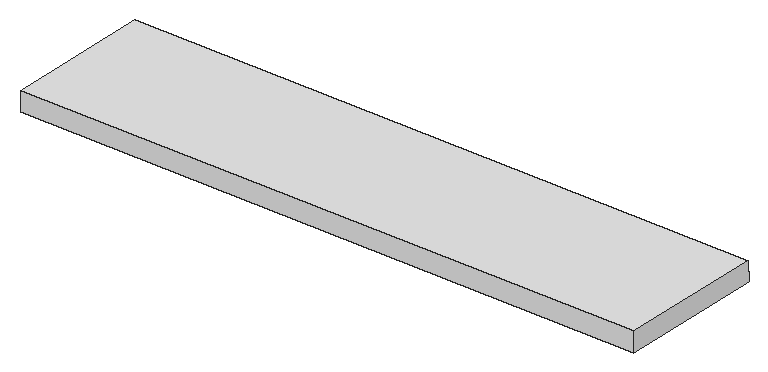
Revit family "11-TRIMBOARD-AND-STEALTH-TRIM-CADS-114-Trimboard-8-4x12-4-REVIT_Versatex-Generic-Model-8-4in-x-12in-TRIMBOARD", category Generic Models, host Face, Revit 2026
Family settings
  Host = Face
  Can host rebar = No
  Round Connector Dimension = Use Diameter
  Part Type = Normal
  Cut with Voids When Loaded = No
  Maintain Annotation Orientation = No
  Shared = No
  Room Calculation Point = No
Parameters
  Model = "TBSM841218"
  Length = 4' - 0"
  Warranty = "https://versatex.com/warranty/"
  URL = "https://versatex.com/"
  Specification = "https://www.arcat.com/company/versatex-45716/spec?coid=45716"
  Sales Information = "https://versatex.com/dealer-locator/"
  Message Manufacturer = "https://versatex.com/contact/"
  Material = Versatex PVC - Smooth
  Manufacturer Website = "https://versatex.com/"
  Manufacturer Phone = "724-857-1111"
  Manufacturer Fax = "724-857-1171"
  Manufacturer Address = "400 Steel Street, Aliquippa, PA 15001"
  Manufacturer = "Versatex"
  Literature = "https://versatex.com/literature/?_sft_literature_category=cads"
  Description = "NOMINAL 8/4” x 12” TRIMBOARD"
  Default Elevation = 4' - 0"
  Copyright = "© 2024 VERSATEX Building Products, LLC"
Reference planes (in)
  plane 1 "Center (Front/Back)": y = 0
  plane 2: z = 0
  plane 3 "Center (Left/Right)": x = 0
  plane 4: x = 24
  plane 5: x = -24
Forms (in)
  Sweep 1, solid, material "Versatex PVC - Smooth" <- "Material"
    path origin (0, 0, 0) x (1, 0, 0) y (0, 1, 0)
      loop
        line (-24, 0) -> (24, 0)
    profile "Versatex_Profile_8-4” x 12” TRIMBOARD : Versatex_Profile_8-4” x 12” TRIMBOARD" origin (0, 0, 0) x (0, 1, 0) y (0, 0, 1)
      loop
        line (0, 0) -> (11.25, 0) -> (11.25, 1.5) -> (0, 1.5) -> (0, 0)
Dimensions and locks (in)
  "Length": plane 5 to plane 4
  equal spacing: plane 5, plane 3 "Center (Left/Right)", plane 4, locked at 24 each
  aligned and locked: plane 2 to host face
  aligned and locked: level to host face
Automatic sketch dimensions
  host sketch curve to host sketch curve = 8' - 0"  (x2)
  plane 1 "Center (Front/Back)" to Sweep 1 sketch curve = 0' - 0"
  Sweep 1 sketch curve to plane 5 = 0' - 0"
  Sweep 1 sketch curve to plane 4 = 0' - 0"
